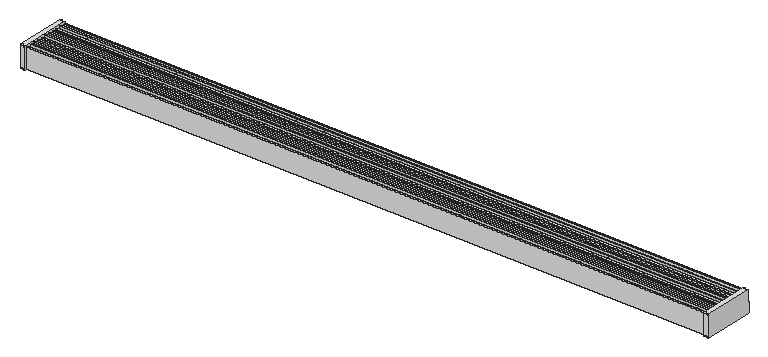
Revit family "Shower-Drain_Cover-KOHLER-Linear-K-80653_1", category Specialty Equipment, host Face, Revit 2017 (continued)
Definition of nested family "K-80653"
  Lines and regions (in)
    symbolic lines, detail levels medium+fine
      curve 1024: line (-0.8369, -1.05088, 0) -> (-0.8369, -1.01, 0)
      curve 1025: arc (-0.8369, -1.05088, 0) -> (-0.86593, -1.12097, 0) -> (-0.93602, -1.15, 0) r 0.09912
      curve 1026: arc (-1.28859, -1.15, 0) -> (-1.36001, -1.12003, 0) -> (-1.38866, -1.04807, 0) r 0.10009
      curve 1027: line (-0.8369, -0.91, 0) -> (-1.45725, -0.91, 0)
      curve 1028: line (-2.27588, -0.05, 0) -> (-2.27588, -0.19, 0)
      curve 1029: line (-2.27588, -1.01, 0) -> (-1.71906, -1.01, 0)
      curve 1030: line (-1.39234, -1.01, 0) -> (-0.8369, -1.01, 0)
      curve 1031: line (-1.64305, -1.01, 0) -> (-1.46834, -1.01, 0)
      curve 1032: line (-2.27588, -1.01, 0) -> (-2.27588, -1.05088, 0)
      curve 1033: line (-0.8369, -0.91, 0) -> (-0.8369, -0.77, 0)
      curve 1034: line (-2.27588, -0.77, 0) -> (-1.6117, -0.77, 0)
      curve 1035: line (-1.65415, -0.91, 0) -> (-2.27588, -0.91, 0)
      curve 1036: line (-0.8369, -0.67, 0) -> (-0.8369, -0.53, 0)
      curve 1037: line (-1.4997, -0.77, 0) -> (-0.8369, -0.77, 0)
      curve 1038: line (-1.6117, -0.77, 0) -> (-1.6117, -0.83109, 0)
      curve 1039: line (-1.4997, -0.77, 0) -> (-1.4997, -0.83109, 0)
      curve 1040: line (-2.27588, -0.77, 0) -> (-2.27588, -0.91, 0)
      curve 1041: line (-2.27588, -0.67, 0) -> (-1.6117, -0.67, 0)
      curve 1042: line (-2.27588, -0.53, 0) -> (-1.6117, -0.53, 0)
      curve 1043: line (-1.4997, -0.67, 0) -> (-0.8369, -0.67, 0)
      curve 1044: line (-1.4997, -0.53, 0) -> (-0.8369, -0.53, 0)
      curve 1045: line (-2.27588, -0.53, 0) -> (-2.27588, -0.67, 0)
      curve 1046: line (-0.8369, -0.43, 0) -> (-0.8369, -0.29, 0)
      curve 1047: line (-1.4997, -0.53, 0) -> (-1.4997, -0.67, 0)
      curve 1048: line (-1.6117, -0.53, 0) -> (-1.6117, -0.67, 0)
      curve 1049: line (-2.27588, -0.43, 0) -> (-1.6117, -0.43, 0)
      curve 1050: line (-2.27588, -0.29, 0) -> (-1.6117, -0.29, 0)
      curve 1051: line (-2.27588, -0.29, 0) -> (-2.27588, -0.43, 0)
      curve 1052: line (-1.6117, -0.29, 0) -> (-1.6117, -0.43, 0)
      curve 1053: line (-1.4997, -0.29, 0) -> (-1.4997, -0.43, 0)
      curve 1054: line (-0.8369, -0.19, 0) -> (-0.8369, -0.05, 0)
      curve 1055: line (-1.4997, -0.29, 0) -> (-0.8369, -0.29, 0)
      curve 1056: line (-1.4997, -0.43, 0) -> (-0.8369, -0.43, 0)
      curve 1057: line (-2.27588, -0.19, 0) -> (-1.6117, -0.19, 0)
      curve 1058: line (-2.27588, -0.05, 0) -> (-1.6117, -0.05, 0)
      curve 1059: line (-1.4997, -0.19, 0) -> (-0.8369, -0.19, 0)
      curve 1060: line (-1.4997, -0.05, 0) -> (-0.8369, -0.05, 0)
      curve 1061: line (-0.05995, 0.05, 0) -> (-0.05995, 0.19, 0)
      curve 1062: line (-0.62363, 1.15, 0) -> (-0.15957, 1.15, 0)
      curve 1063: arc (-0.72275, 1.05088, 0) -> (-0.69372, 1.12097, 0) -> (-0.62363, 1.15, 0) r 0.09912
      curve 1064: line (-0.72413, 0.05, 0) -> (-0.72413, 0.19, 0)
      curve 1065: line (-0.72413, 1.01, 0) -> (-0.05995, 1.01, 0)
      curve 1066: line (-0.72413, 1.01, 0) -> (-0.72413, 1.05088, 0)
      curve 1067: line (-0.72413, 0.77, 0) -> (-0.05995, 0.77, 0)
      curve 1068: line (-0.05995, 0.91, 0) -> (-0.72413, 0.91, 0)
      curve 1069: line (-0.05995, 0.77, 0) -> (-0.05995, 0.91, 0)
      curve 1070: line (-0.72413, 0.77, 0) -> (-0.72413, 0.91, 0)
      curve 1071: line (-0.72413, 0.67, 0) -> (-0.05995, 0.67, 0)
      curve 1072: line (-0.72413, 0.53, 0) -> (-0.05995, 0.53, 0)
      curve 1073: line (-0.72413, 0.53, 0) -> (-0.72413, 0.67, 0)
      curve 1074: line (-0.05995, 0.53, 0) -> (-0.05995, 0.67, 0)
      curve 1075: line (-0.72413, 0.43, 0) -> (-0.05995, 0.43, 0)
      curve 1076: line (-0.72413, 0.29, 0) -> (-0.05995, 0.29, 0)
      curve 1077: line (-0.72413, 0.29, 0) -> (-0.72413, 0.43, 0)
      curve 1078: line (-0.05995, 0.29, 0) -> (-0.05995, 0.43, 0)
      curve 1079: line (-0.72413, 0.19, 0) -> (-0.05995, 0.19, 0)
      curve 1080: line (-0.72413, 0.05, 0) -> (-0.05995, 0.05, 0)
      curve 1081: line (-0.05995, -0.05, 0) -> (-0.05995, -0.19, 0)
      curve 1082: line (-0.62363, -1.15, 0) -> (-0.16531, -1.15, 0)
      curve 1083: arc (-0.72275, -1.05088, 0) -> (-0.69372, -1.12097, 0) -> (-0.62363, -1.15, 0) r 0.09912
      curve 1084: line (-0.72413, -0.05, 0) -> (-0.72413, -0.19, 0)
      curve 1085: line (-0.72413, -1.01, 0) -> (-0.05995, -1.01, 0)
      curve 1086: line (-0.72413, -1.01, 0) -> (-0.72413, -1.05088, 0)
      curve 1087: line (-0.72413, -0.77, 0) -> (-0.05995, -0.77, 0)
      curve 1088: line (-0.05995, -0.91, 0) -> (-0.72413, -0.91, 0)
      curve 1089: line (-0.05995, -0.77, 0) -> (-0.05995, -0.91, 0)
      curve 1090: line (-0.72413, -0.77, 0) -> (-0.72413, -0.91, 0)
      curve 1091: line (-0.72413, -0.67, 0) -> (-0.05995, -0.67, 0)
      curve 1092: line (-0.72413, -0.53, 0) -> (-0.05995, -0.53, 0)
      curve 1093: line (-0.72413, -0.53, 0) -> (-0.72413, -0.67, 0)
      curve 1094: line (-0.05995, -0.53, 0) -> (-0.05995, -0.67, 0)
      curve 1095: line (-0.72413, -0.43, 0) -> (-0.05995, -0.43, 0)
      curve 1096: line (-0.72413, -0.29, 0) -> (-0.05995, -0.29, 0)
      curve 1097: line (-0.72413, -0.29, 0) -> (-0.72413, -0.43, 0)
      curve 1098: line (-0.05995, -0.29, 0) -> (-0.05995, -0.43, 0)
      curve 1099: line (-0.72413, -0.19, 0) -> (-0.05995, -0.19, 0)
      curve 1100: line (-0.72413, -0.05, 0) -> (-0.05995, -0.05, 0)
      curve 1101: arc (-0.05995, -1.04464, 0) -> (-0.09081, -1.11914, 0) -> (-0.16531, -1.15, 0) r 0.10536
      curve 1102: line (-0.05995, -1.01, 0) -> (-0.05995, -1.04464, 0)
      curve 1103: arc (-0.05995, 1.05037, 0) -> (-0.08913, 1.12082, 0) -> (-0.15957, 1.15, 0) r 0.09963
      curve 1104: line (-0.05995, 1.01, 0) -> (-0.05995, 1.05037, 0)
      curve 1105: line (17.1222, 0.05, 0) -> (17.1222, 0.19, 0)
      curve 1106: arc (17.1222, 0.83109, 0) -> (17.13394, 0.87565, 0) -> (17.16465, 0.91, 0) r 0.09854
      curve 1107: arc (17.22956, 1.01, 0) -> (17.23249, 1.02893, 0) -> (17.23324, 1.04807, 0) r 0.16707
      curve 1108: line (17.68588, 1.15, 0) -> (17.33331, 1.15, 0)
      curve 1109: arc (17.75, 1.12647, 0) -> (17.72003, 1.14393, 0) -> (17.68588, 1.15, 0) r 0.09912
      curve 1110: arc (17.33331, 1.15, 0) -> (17.26189, 1.12003, 0) -> (17.23324, 1.04807, 0) r 0.10009
      curve 1111: arc (16.97885, 1.01, 0) -> (17.0662, 1.13911, 0) -> (17.15355, 1.01, 0) r 0.09411
      curve 1112: line (17.0102, 0.05, 0) -> (17.0102, 0.19, 0)
      curve 1113: arc (17.0102, 0.83109, 0) -> (16.99846, 0.87565, 0) -> (16.96775, 0.91, 0) r 0.09854
      curve 1114: arc (16.90284, 1.01, 0) -> (16.89991, 1.02893, 0) -> (16.89916, 1.04807, 0) r 0.16707
      curve 1115: line (16.44652, 1.15, 0) -> (16.79909, 1.15, 0)
      curve 1116: line (16.3474, 1.05088, 0) -> (16.3474, 1.01, 0)
      curve 1117: arc (16.3474, 1.05088, 0) -> (16.37643, 1.12097, 0) -> (16.44652, 1.15, 0) r 0.09912
      curve 1118: arc (16.79909, 1.15, 0) -> (16.87051, 1.12003, 0) -> (16.89916, 1.04807, 0) r 0.10009
      curve 1119: line (16.3474, 0.91, 0) -> (16.96775, 0.91, 0)
      curve 1120: line (17.75, 0.05, 0) -> (17.75, 0.19, 0)
      curve 1121: line (17.75, 1.01, 0) -> (17.22956, 1.01, 0)
      curve 1122: line (16.90284, 1.01, 0) -> (16.3474, 1.01, 0)
      curve 1123: line (17.15355, 1.01, 0) -> (16.97885, 1.01, 0)
      curve 1124: line (17.75, 1.01, 0) -> (17.75, 1.12647, 0)
      curve 1125: line (16.3474, 0.91, 0) -> (16.3474, 0.77, 0)
      curve 1126: line (17.75, 0.77, 0) -> (17.1222, 0.77, 0)
      curve 1127: line (17.16465, 0.91, 0) -> (17.75, 0.91, 0)
      curve 1128: line (16.3474, 0.67, 0) -> (16.3474, 0.53, 0)
      curve 1129: line (17.0102, 0.77, 0) -> (16.3474, 0.77, 0)
      curve 1130: line (17.1222, 0.77, 0) -> (17.1222, 0.83109, 0)
      curve 1131: line (17.0102, 0.77, 0) -> (17.0102, 0.83109, 0)
      curve 1132: line (17.75, 0.77, 0) -> (17.75, 0.91, 0)
      curve 1133: line (17.75, 0.67, 0) -> (17.1222, 0.67, 0)
      curve 1134: line (17.75, 0.53, 0) -> (17.1222, 0.53, 0)
      curve 1135: line (17.0102, 0.67, 0) -> (16.3474, 0.67, 0)
      curve 1136: line (17.0102, 0.53, 0) -> (16.3474, 0.53, 0)
      curve 1137: line (17.75, 0.53, 0) -> (17.75, 0.67, 0)
      curve 1138: line (16.3474, 0.43, 0) -> (16.3474, 0.29, 0)
      curve 1139: line (17.0102, 0.53, 0) -> (17.0102, 0.67, 0)
      curve 1140: line (17.1222, 0.53, 0) -> (17.1222, 0.67, 0)
      curve 1141: line (17.75, 0.43, 0) -> (17.1222, 0.43, 0)
      curve 1142: line (17.75, 0.29, 0) -> (17.1222, 0.29, 0)
      curve 1143: line (17.75, 0.29, 0) -> (17.75, 0.43, 0)
      curve 1144: line (17.1222, 0.29, 0) -> (17.1222, 0.43, 0)
      curve 1145: line (17.0102, 0.29, 0) -> (17.0102, 0.43, 0)
      curve 1146: line (16.3474, 0.19, 0) -> (16.3474, 0.05, 0)
      curve 1147: line (17.0102, 0.29, 0) -> (16.3474, 0.29, 0)
      curve 1148: line (17.0102, 0.43, 0) -> (16.3474, 0.43, 0)
      curve 1149: line (17.75, 0.19, 0) -> (17.1222, 0.19, 0)
      curve 1150: line (17.75, 0.05, 0) -> (17.1222, 0.05, 0)
      curve 1151: line (17.0102, 0.19, 0) -> (16.3474, 0.19, 0)
      curve 1152: line (17.0102, 0.05, 0) -> (16.3474, 0.05, 0)
      curve 1153: line (17.1222, -0.05, 0) -> (17.1222, -0.19, 0)
      curve 1154: arc (17.1222, -0.83109, 0) -> (17.13394, -0.87565, 0) -> (17.16465, -0.91, 0) r 0.09854
      curve 1155: arc (17.22956, -1.01, 0) -> (17.23249, -1.02893, 0) -> (17.23324, -1.04807, 0) r 0.16707
      curve 1156: line (17.68588, -1.15, 0) -> (17.33331, -1.15, 0)
      curve 1157: arc (17.75, -1.12647, 0) -> (17.72003, -1.14393, 0) -> (17.68588, -1.15, 0) r 0.09912
      curve 1158: arc (17.33331, -1.15, 0) -> (17.26189, -1.12003, 0) -> (17.23324, -1.04807, 0) r 0.10009
      curve 1159: arc (16.97885, -1.01, 0) -> (17.0662, -1.13911, 0) -> (17.15355, -1.01, 0) r 0.09411
      curve 1160: line (17.0102, -0.05, 0) -> (17.0102, -0.19, 0)
      curve 1161: arc (17.0102, -0.83109, 0) -> (16.99846, -0.87565, 0) -> (16.96775, -0.91, 0) r 0.09854
      curve 1162: arc (16.90284, -1.01, 0) -> (16.89991, -1.02893, 0) -> (16.89916, -1.04807, 0) r 0.16707
      curve 1163: line (16.44652, -1.15, 0) -> (16.79909, -1.15, 0)
      curve 1164: line (16.3474, -1.05088, 0) -> (16.3474, -1.01, 0)
      curve 1165: arc (16.3474, -1.05088, 0) -> (16.37643, -1.12097, 0) -> (16.44652, -1.15, 0) r 0.09912
      curve 1166: arc (16.79909, -1.15, 0) -> (16.87051, -1.12003, 0) -> (16.89916, -1.04807, 0) r 0.10009
      curve 1167: line (16.3474, -0.91, 0) -> (16.96775, -0.91, 0)
      curve 1168: line (17.75, -0.05, 0) -> (17.75, -0.19, 0)
      curve 1169: line (17.75, -1.01, 0) -> (17.22956, -1.01, 0)
      curve 1170: line (16.90284, -1.01, 0) -> (16.3474, -1.01, 0)
      curve 1171: line (17.15355, -1.01, 0) -> (16.97885, -1.01, 0)
      curve 1172: line (17.75, -1.01, 0) -> (17.75, -1.12647, 0)
      curve 1173: line (16.3474, -0.91, 0) -> (16.3474, -0.77, 0)
      curve 1174: line (17.75, -0.77, 0) -> (17.1222, -0.77, 0)
      curve 1175: line (17.16465, -0.91, 0) -> (17.75, -0.91, 0)
      curve 1176: line (16.3474, -0.67, 0) -> (16.3474, -0.53, 0)
      curve 1177: line (17.0102, -0.77, 0) -> (16.3474, -0.77, 0)
      curve 1178: line (17.1222, -0.77, 0) -> (17.1222, -0.83109, 0)
      curve 1179: line (17.0102, -0.77, 0) -> (17.0102, -0.83109, 0)
      curve 1180: line (17.75, -0.77, 0) -> (17.75, -0.91, 0)
      curve 1181: line (17.75, -0.67, 0) -> (17.1222, -0.67, 0)
      curve 1182: line (17.75, -0.53, 0) -> (17.1222, -0.53, 0)
      curve 1183: line (17.0102, -0.67, 0) -> (16.3474, -0.67, 0)
      curve 1184: line (17.0102, -0.53, 0) -> (16.3474, -0.53, 0)
      curve 1185: line (17.75, -0.53, 0) -> (17.75, -0.67, 0)
      curve 1186: line (16.3474, -0.43, 0) -> (16.3474, -0.29, 0)
      curve 1187: line (17.0102, -0.53, 0) -> (17.0102, -0.67, 0)
      curve 1188: line (17.1222, -0.53, 0) -> (17.1222, -0.67, 0)
      curve 1189: line (17.75, -0.43, 0) -> (17.1222, -0.43, 0)
      curve 1190: line (17.75, -0.29, 0) -> (17.1222, -0.29, 0)
      curve 1191: line (17.75, -0.29, 0) -> (17.75, -0.43, 0)
      curve 1192: line (17.1222, -0.29, 0) -> (17.1222, -0.43, 0)
      curve 1193: line (17.0102, -0.29, 0) -> (17.0102, -0.43, 0)
      curve 1194: line (16.3474, -0.19, 0) -> (16.3474, -0.05, 0)
      curve 1195: line (17.0102, -0.29, 0) -> (16.3474, -0.29, 0)
      curve 1196: line (17.0102, -0.43, 0) -> (16.3474, -0.43, 0)
      curve 1197: line (17.75, -0.19, 0) -> (17.1222, -0.19, 0)
      curve 1198: line (17.75, -0.05, 0) -> (17.1222, -0.05, 0)
      curve 1199: line (17.0102, -0.19, 0) -> (16.3474, -0.19, 0)
      curve 1200: line (17.0102, -0.05, 0) -> (16.3474, -0.05, 0)
      curve 1201: line (15.56941, 0.05, 0) -> (15.56941, 0.19, 0)
      curve 1202: arc (15.56941, 0.83109, 0) -> (15.58115, 0.87565, 0) -> (15.61186, 0.91, 0) r 0.09854
      curve 1203: arc (15.67677, 1.01, 0) -> (15.6797, 1.02893, 0) -> (15.68045, 1.04807, 0) r 0.16707
      curve 1204: line (16.13309, 1.15, 0) -> (15.78052, 1.15, 0)
      curve 1205: arc (16.23221, 1.05088, 0) -> (16.20318, 1.12097, 0) -> (16.13309, 1.15, 0) r 0.09912
      curve 1206: arc (15.78052, 1.15, 0) -> (15.7091, 1.12003, 0) -> (15.68045, 1.04807, 0) r 0.10009
      curve 1207: line (16.2336, 0.05, 0) -> (16.2336, 0.19, 0)
      curve 1208: line (16.2336, 1.01, 0) -> (15.67677, 1.01, 0)
      curve 1209: line (16.2336, 1.01, 0) -> (16.2336, 1.05088, 0)
      curve 1210: line (16.2336, 0.77, 0) -> (15.56941, 0.77, 0)
      curve 1211: line (15.61186, 0.91, 0) -> (16.2336, 0.91, 0)
      curve 1212: line (15.56941, 0.77, 0) -> (15.56941, 0.83109, 0)
      curve 1213: line (16.2336, 0.77, 0) -> (16.2336, 0.91, 0)
      curve 1214: line (16.2336, 0.67, 0) -> (15.56941, 0.67, 0)
      curve 1215: line (16.2336, 0.53, 0) -> (15.56941, 0.53, 0)
      curve 1216: line (16.2336, 0.53, 0) -> (16.2336, 0.67, 0)
      curve 1217: line (15.56941, 0.53, 0) -> (15.56941, 0.67, 0)
      curve 1218: line (16.2336, 0.43, 0) -> (15.56941, 0.43, 0)
      curve 1219: line (16.2336, 0.29, 0) -> (15.56941, 0.29, 0)
      curve 1220: line (16.2336, 0.29, 0) -> (16.2336, 0.43, 0)
      curve 1221: line (15.56941, 0.29, 0) -> (15.56941, 0.43, 0)
      curve 1222: line (16.2336, 0.19, 0) -> (15.56941, 0.19, 0)
      curve 1223: line (16.2336, 0.05, 0) -> (15.56941, 0.05, 0)
      curve 1224: line (15.56941, -0.05, 0) -> (15.56941, -0.19, 0)
      curve 1225: arc (15.56941, -0.83109, 0) -> (15.58115, -0.87565, 0) -> (15.61186, -0.91, 0) r 0.09854
      curve 1226: arc (15.67677, -1.01, 0) -> (15.6797, -1.02893, 0) -> (15.68045, -1.04807, 0) r 0.16707
      curve 1227: line (16.13309, -1.15, 0) -> (15.78052, -1.15, 0)
      curve 1228: arc (16.23221, -1.05088, 0) -> (16.20318, -1.12097, 0) -> (16.13309, -1.15, 0) r 0.09912
      curve 1229: arc (15.78052, -1.15, 0) -> (15.7091, -1.12003, 0) -> (15.68045, -1.04807, 0) r 0.10009
      curve 1230: line (16.2336, -0.05, 0) -> (16.2336, -0.19, 0)
      curve 1231: line (16.2336, -1.01, 0) -> (15.67677, -1.01, 0)
      curve 1232: line (16.2336, -1.01, 0) -> (16.2336, -1.05088, 0)
      curve 1233: line (16.2336, -0.77, 0) -> (15.56941, -0.77, 0)
      curve 1234: line (15.61186, -0.91, 0) -> (16.2336, -0.91, 0)
      curve 1235: line (15.56941, -0.77, 0) -> (15.56941, -0.83109, 0)
      curve 1236: line (16.2336, -0.77, 0) -> (16.2336, -0.91, 0)
      curve 1237: line (16.2336, -0.67, 0) -> (15.56941, -0.67, 0)
      curve 1238: line (16.2336, -0.53, 0) -> (15.56941, -0.53, 0)
      curve 1239: line (16.2336, -0.53, 0) -> (16.2336, -0.67, 0)
      curve 1240: line (15.56941, -0.53, 0) -> (15.56941, -0.67, 0)
      curve 1241: line (16.2336, -0.43, 0) -> (15.56941, -0.43, 0)
      curve 1242: line (16.2336, -0.29, 0) -> (15.56941, -0.29, 0)
      curve 1243: line (16.2336, -0.29, 0) -> (16.2336, -0.43, 0)
      curve 1244: line (15.56941, -0.29, 0) -> (15.56941, -0.43, 0)
      curve 1245: line (16.2336, -0.19, 0) -> (15.56941, -0.19, 0)
      curve 1246: line (16.2336, -0.05, 0) -> (15.56941, -0.05, 0)
      curve 1247: arc (15.42606, 1.01, 0) -> (15.51341, 1.13911, 0) -> (15.60077, 1.01, 0) r 0.09411
      curve 1248: line (15.60077, 1.01, 0) -> (15.42606, 1.01, 0)
      curve 1249: arc (15.42606, -1.01, 0) -> (15.51341, -1.13911, 0) -> (15.60077, -1.01, 0) r 0.09411
      curve 1250: line (15.60077, -1.01, 0) -> (15.42606, -1.01, 0)
      curve 1251: line (15.45741, 0.05, 0) -> (15.45741, 0.19, 0)
      curve 1252: arc (15.45741, 0.83109, 0) -> (15.44568, 0.87565, 0) -> (15.41496, 0.91, 0) r 0.09854
      curve 1253: arc (15.35006, 1.01, 0) -> (15.34712, 1.02893, 0) -> (15.34638, 1.04807, 0) r 0.16707
      curve 1254: line (14.89373, 1.15, 0) -> (15.2463, 1.15, 0)
      curve 1255: line (14.79461, 1.05088, 0) -> (14.79461, 1.01, 0)
      curve 1256: arc (14.79461, 1.05088, 0) -> (14.82364, 1.12097, 0) -> (14.89373, 1.15, 0) r 0.09912
      curve 1257: arc (15.2463, 1.15, 0) -> (15.31773, 1.12003, 0) -> (15.34638, 1.04807, 0) r 0.10009
      curve 1258: line (14.79461, 0.91, 0) -> (15.41496, 0.91, 0)
      curve 1259: line (15.35006, 1.01, 0) -> (14.79461, 1.01, 0)
      curve 1260: line (14.79461, 0.91, 0) -> (14.79461, 0.77, 0)
      curve 1261: line (14.79461, 0.67, 0) -> (14.79461, 0.53, 0)
      curve 1262: line (15.45741, 0.77, 0) -> (14.79461, 0.77, 0)
      curve 1263: line (15.45741, 0.77, 0) -> (15.45741, 0.83109, 0)
      curve 1264: line (15.45741, 0.67, 0) -> (14.79461, 0.67, 0)
      curve 1265: line (15.45741, 0.53, 0) -> (14.79461, 0.53, 0)
      curve 1266: line (14.79461, 0.43, 0) -> (14.79461, 0.29, 0)
      curve 1267: line (15.45741, 0.53, 0) -> (15.45741, 0.67, 0)
      curve 1268: line (15.45741, 0.29, 0) -> (15.45741, 0.43, 0)
      curve 1269: line (14.79461, 0.19, 0) -> (14.79461, 0.05, 0)
      curve 1270: line (15.45741, 0.29, 0) -> (14.79461, 0.29, 0)
      curve 1271: line (15.45741, 0.43, 0) -> (14.79461, 0.43, 0)
      curve 1272: line (15.45741, 0.19, 0) -> (14.79461, 0.19, 0)
      curve 1273: line (15.45741, 0.05, 0) -> (14.79461, 0.05, 0)
      curve 1274: line (15.45741, -0.05, 0) -> (15.45741, -0.19, 0)
      curve 1275: arc (15.45741, -0.83109, 0) -> (15.44568, -0.87565, 0) -> (15.41496, -0.91, 0) r 0.09854
      curve 1276: arc (15.35006, -1.01, 0) -> (15.34712, -1.02893, 0) -> (15.34638, -1.04807, 0) r 0.16707
      curve 1277: line (14.89373, -1.15, 0) -> (15.2463, -1.15, 0)
      curve 1278: line (14.79461, -1.05088, 0) -> (14.79461, -1.01, 0)
      curve 1279: arc (14.79461, -1.05088, 0) -> (14.82364, -1.12097, 0) -> (14.89373, -1.15, 0) r 0.09912
      curve 1280: arc (15.2463, -1.15, 0) -> (15.31773, -1.12003, 0) -> (15.34638, -1.04807, 0) r 0.10009
      curve 1281: line (14.79461, -0.91, 0) -> (15.41496, -0.91, 0)
      curve 1282: line (15.35006, -1.01, 0) -> (14.79461, -1.01, 0)
      curve 1283: line (14.79461, -0.91, 0) -> (14.79461, -0.77, 0)
      curve 1284: line (14.79461, -0.67, 0) -> (14.79461, -0.53, 0)
      curve 1285: line (15.45741, -0.77, 0) -> (14.79461, -0.77, 0)
      curve 1286: line (15.45741, -0.77, 0) -> (15.45741, -0.83109, 0)
      curve 1287: line (15.45741, -0.67, 0) -> (14.79461, -0.67, 0)
      curve 1288: line (15.45741, -0.53, 0) -> (14.79461, -0.53, 0)
      curve 1289: line (14.79461, -0.43, 0) -> (14.79461, -0.29, 0)
      curve 1290: line (15.45741, -0.53, 0) -> (15.45741, -0.67, 0)
      curve 1291: line (15.45741, -0.29, 0) -> (15.45741, -0.43, 0)
      curve 1292: line (14.79461, -0.19, 0) -> (14.79461, -0.05, 0)
      curve 1293: line (15.45741, -0.29, 0) -> (14.79461, -0.29, 0)
      curve 1294: line (15.45741, -0.43, 0) -> (14.79461, -0.43, 0)
      curve 1295: line (15.45741, -0.19, 0) -> (14.79461, -0.19, 0)
      curve 1296: line (15.45741, -0.05, 0) -> (14.79461, -0.05, 0)
      curve 1297: line (14.01962, 0.05, 0) -> (14.01962, 0.19, 0)
      curve 1298: arc (14.01962, 0.83109, 0) -> (14.03136, 0.87565, 0) -> (14.06207, 0.91, 0) r 0.09854
      curve 1299: arc (14.12698, 1.01, 0) -> (14.12991, 1.02893, 0) -> (14.13066, 1.04807, 0) r 0.16707
      curve 1300: line (14.5833, 1.15, 0) -> (14.23073, 1.15, 0)
      curve 1301: arc (14.68242, 1.05088, 0) -> (14.65339, 1.12097, 0) -> (14.5833, 1.15, 0) r 0.09912
      curve 1302: arc (14.23073, 1.15, 0) -> (14.15931, 1.12003, 0) -> (14.13066, 1.04807, 0) r 0.10009
      curve 1303: arc (13.87627, 1.01, 0) -> (13.96362, 1.13911, 0) -> (14.05098, 1.01, 0) r 0.09411
      curve 1304: line (13.90762, 0.05, 0) -> (13.90762, 0.19, 0)
      curve 1305: arc (13.90762, 0.83109, 0) -> (13.89589, 0.87565, 0) -> (13.86517, 0.91, 0) r 0.09854
      curve 1306: arc (13.80027, 1.01, 0) -> (13.79733, 1.02893, 0) -> (13.79659, 1.04807, 0) r 0.16707
      curve 1307: line (13.34394, 1.15, 0) -> (13.69651, 1.15, 0)
      curve 1308: line (13.24482, 1.05088, 0) -> (13.24482, 1.01, 0)
      curve 1309: arc (13.24482, 1.05088, 0) -> (13.27385, 1.12097, 0) -> (13.34394, 1.15, 0) r 0.09912
      curve 1310: arc (13.69651, 1.15, 0) -> (13.76794, 1.12003, 0) -> (13.79659, 1.04807, 0) r 0.10009
      curve 1311: line (13.24482, 0.91, 0) -> (13.86517, 0.91, 0)
      curve 1312: line (14.68381, 0.05, 0) -> (14.68381, 0.19, 0)
      curve 1313: line (14.68381, 1.01, 0) -> (14.12698, 1.01, 0)
      curve 1314: line (13.80027, 1.01, 0) -> (13.24482, 1.01, 0)
      curve 1315: line (14.05098, 1.01, 0) -> (13.87627, 1.01, 0)
      curve 1316: line (14.68381, 1.01, 0) -> (14.68381, 1.05088, 0)
      curve 1317: line (13.24482, 0.91, 0) -> (13.24482, 0.77, 0)
      curve 1318: line (14.68381, 0.77, 0) -> (14.01962, 0.77, 0)
      curve 1319: line (14.06207, 0.91, 0) -> (14.68381, 0.91, 0)
      curve 1320: line (13.24482, 0.67, 0) -> (13.24482, 0.53, 0)
      curve 1321: line (13.90762, 0.77, 0) -> (13.24482, 0.77, 0)
      curve 1322: line (14.01962, 0.77, 0) -> (14.01962, 0.83109, 0)
      curve 1323: line (13.90762, 0.77, 0) -> (13.90762, 0.83109, 0)
      curve 1324: line (14.68381, 0.77, 0) -> (14.68381, 0.91, 0)
      curve 1325: line (14.68381, 0.67, 0) -> (14.01962, 0.67, 0)
      curve 1326: line (14.68381, 0.53, 0) -> (14.01962, 0.53, 0)
      curve 1327: line (13.90762, 0.67, 0) -> (13.24482, 0.67, 0)
      curve 1328: line (13.90762, 0.53, 0) -> (13.24482, 0.53, 0)
      curve 1329: line (14.68381, 0.53, 0) -> (14.68381, 0.67, 0)
      curve 1330: line (13.24482, 0.43, 0) -> (13.24482, 0.29, 0)
      curve 1331: line (13.90762, 0.53, 0) -> (13.90762, 0.67, 0)
      curve 1332: line (14.01962, 0.53, 0) -> (14.01962, 0.67, 0)
      curve 1333: line (14.68381, 0.43, 0) -> (14.01962, 0.43, 0)
      curve 1334: line (14.68381, 0.29, 0) -> (14.01962, 0.29, 0)
      curve 1335: line (14.68381, 0.29, 0) -> (14.68381, 0.43, 0)
      curve 1336: line (14.01962, 0.29, 0) -> (14.01962, 0.43, 0)
      curve 1337: line (13.90762, 0.29, 0) -> (13.90762, 0.43, 0)
      curve 1338: line (13.24482, 0.19, 0) -> (13.24482, 0.05, 0)
      curve 1339: line (13.90762, 0.29, 0) -> (13.24482, 0.29, 0)
      curve 1340: line (13.90762, 0.43, 0) -> (13.24482, 0.43, 0)
      curve 1341: line (14.68381, 0.19, 0) -> (14.01962, 0.19, 0)
      curve 1342: line (14.68381, 0.05, 0) -> (14.01962, 0.05, 0)
      curve 1343: line (13.90762, 0.19, 0) -> (13.24482, 0.19, 0)
      curve 1344: line (13.90762, 0.05, 0) -> (13.24482, 0.05, 0)
      curve 1345: line (14.01962, -0.05, 0) -> (14.01962, -0.19, 0)
      curve 1346: arc (14.01962, -0.83109, 0) -> (14.03136, -0.87565, 0) -> (14.06207, -0.91, 0) r 0.09854
      curve 1347: arc (14.12698, -1.01, 0) -> (14.12991, -1.02893, 0) -> (14.13066, -1.04807, 0) r 0.16707
      curve 1348: line (14.5833, -1.15, 0) -> (14.23073, -1.15, 0)
      curve 1349: arc (14.68242, -1.05088, 0) -> (14.65339, -1.12097, 0) -> (14.5833, -1.15, 0) r 0.09912
      curve 1350: arc (14.23073, -1.15, 0) -> (14.15931, -1.12003, 0) -> (14.13066, -1.04807, 0) r 0.10009
      curve 1351: arc (13.87627, -1.01, 0) -> (13.96362, -1.13911, 0) -> (14.05098, -1.01, 0) r 0.09411
      curve 1352: line (13.90762, -0.05, 0) -> (13.90762, -0.19, 0)
      curve 1353: arc (13.90762, -0.83109, 0) -> (13.89589, -0.87565, 0) -> (13.86517, -0.91, 0) r 0.09854
      curve 1354: arc (13.80027, -1.01, 0) -> (13.79733, -1.02893, 0) -> (13.79659, -1.04807, 0) r 0.16707
      curve 1355: line (13.34394, -1.15, 0) -> (13.69651, -1.15, 0)
      curve 1356: line (13.24482, -1.05088, 0) -> (13.24482, -1.01, 0)
      curve 1357: arc (13.24482, -1.05088, 0) -> (13.27385, -1.12097, 0) -> (13.34394, -1.15, 0) r 0.09912
      curve 1358: arc (13.69651, -1.15, 0) -> (13.76794, -1.12003, 0) -> (13.79659, -1.04807, 0) r 0.10009
      curve 1359: line (13.24482, -0.91, 0) -> (13.86517, -0.91, 0)
      curve 1360: line (14.68381, -0.05, 0) -> (14.68381, -0.19, 0)
      curve 1361: line (14.68381, -1.01, 0) -> (14.12698, -1.01, 0)
      curve 1362: line (13.80027, -1.01, 0) -> (13.24482, -1.01, 0)
      curve 1363: line (14.05098, -1.01, 0) -> (13.87627, -1.01, 0)
      curve 1364: line (14.68381, -1.01, 0) -> (14.68381, -1.05088, 0)
      curve 1365: line (13.24482, -0.91, 0) -> (13.24482, -0.77, 0)
      curve 1366: line (14.68381, -0.77, 0) -> (14.01962, -0.77, 0)
      curve 1367: line (14.06207, -0.91, 0) -> (14.68381, -0.91, 0)
      curve 1368: line (13.24482, -0.67, 0) -> (13.24482, -0.53, 0)
      curve 1369: line (13.90762, -0.77, 0) -> (13.24482, -0.77, 0)
      curve 1370: line (14.01962, -0.77, 0) -> (14.01962, -0.83109, 0)
      curve 1371: line (13.90762, -0.77, 0) -> (13.90762, -0.83109, 0)
      curve 1372: line (14.68381, -0.77, 0) -> (14.68381, -0.91, 0)
      curve 1373: line (14.68381, -0.67, 0) -> (14.01962, -0.67, 0)
      curve 1374: line (14.68381, -0.53, 0) -> (14.01962, -0.53, 0)
      curve 1375: line (13.90762, -0.67, 0) -> (13.24482, -0.67, 0)
      curve 1376: line (13.90762, -0.53, 0) -> (13.24482, -0.53, 0)
      curve 1377: line (14.68381, -0.53, 0) -> (14.68381, -0.67, 0)
      curve 1378: line (13.24482, -0.43, 0) -> (13.24482, -0.29, 0)
      curve 1379: line (13.90762, -0.53, 0) -> (13.90762, -0.67, 0)
      curve 1380: line (14.01962, -0.53, 0) -> (14.01962, -0.67, 0)
      curve 1381: line (14.68381, -0.43, 0) -> (14.01962, -0.43, 0)
      curve 1382: line (14.68381, -0.29, 0) -> (14.01962, -0.29, 0)
      curve 1383: line (14.68381, -0.29, 0) -> (14.68381, -0.43, 0)
      curve 1384: line (14.01962, -0.29, 0) -> (14.01962, -0.43, 0)
      curve 1385: line (13.90762, -0.29, 0) -> (13.90762, -0.43, 0)
      curve 1386: line (13.24482, -0.19, 0) -> (13.24482, -0.05, 0)
      curve 1387: line (13.90762, -0.29, 0) -> (13.24482, -0.29, 0)
      curve 1388: line (13.90762, -0.43, 0) -> (13.24482, -0.43, 0)
      curve 1389: line (14.68381, -0.19, 0) -> (14.01962, -0.19, 0)
      curve 1390: line (14.68381, -0.05, 0) -> (14.01962, -0.05, 0)
      curve 1391: line (13.90762, -0.19, 0) -> (13.24482, -0.19, 0)
      curve 1392: line (13.90762, -0.05, 0) -> (13.24482, -0.05, 0)
      curve 1393: line (12.46787, 0.05, 0) -> (12.46787, 0.19, 0)
      curve 1394: line (13.03155, 1.15, 0) -> (12.5675, 1.15, 0)
      curve 1395: arc (13.13067, 1.05088, 0) -> (13.10164, 1.12097, 0) -> (13.03155, 1.15, 0) r 0.09912
      curve 1396: line (12.35587, 0.05, 0) -> (12.35587, 0.19, 0)
      curve 1397: line (11.79219, 1.15, 0) -> (12.26182, 1.15, 0)
      curve 1398: line (11.69307, 1.05088, 0) -> (11.69307, 1.01, 0)
      curve 1399: arc (11.69307, 1.05088, 0) -> (11.7221, 1.12097, 0) -> (11.79219, 1.15, 0) r 0.09912
      curve 1400: line (11.69307, 0.91, 0) -> (12.35587, 0.91, 0)
      curve 1401: line (13.13206, 0.05, 0) -> (13.13206, 0.19, 0)
      curve 1402: line (13.13206, 1.01, 0) -> (12.46787, 1.01, 0)
      curve 1403: line (12.35587, 1.01, 0) -> (11.69307, 1.01, 0)
      curve 1404: line (13.13206, 1.01, 0) -> (13.13206, 1.05088, 0)
      curve 1405: line (11.69307, 0.91, 0) -> (11.69307, 0.77, 0)
      curve 1406: line (13.13206, 0.77, 0) -> (12.46787, 0.77, 0)
      curve 1407: line (12.46787, 0.91, 0) -> (13.13206, 0.91, 0)
      curve 1408: line (11.69307, 0.67, 0) -> (11.69307, 0.53, 0)
      curve 1409: line (12.35587, 0.77, 0) -> (11.69307, 0.77, 0)
      curve 1410: line (12.46787, 0.77, 0) -> (12.46787, 0.91, 0)
      curve 1411: line (12.35587, 0.77, 0) -> (12.35587, 0.91, 0)
      curve 1412: line (13.13206, 0.77, 0) -> (13.13206, 0.91, 0)
      curve 1413: line (13.13206, 0.67, 0) -> (12.46787, 0.67, 0)
      curve 1414: line (13.13206, 0.53, 0) -> (12.46787, 0.53, 0)
      curve 1415: line (12.35587, 0.67, 0) -> (11.69307, 0.67, 0)
      curve 1416: line (12.35587, 0.53, 0) -> (11.69307, 0.53, 0)
      curve 1417: line (13.13206, 0.53, 0) -> (13.13206, 0.67, 0)
      curve 1418: line (11.69307, 0.43, 0) -> (11.69307, 0.29, 0)
      curve 1419: line (12.35587, 0.53, 0) -> (12.35587, 0.67, 0)
      curve 1420: line (12.46787, 0.53, 0) -> (12.46787, 0.67, 0)
      curve 1421: line (13.13206, 0.43, 0) -> (12.46787, 0.43, 0)
      curve 1422: line (13.13206, 0.29, 0) -> (12.46787, 0.29, 0)
      curve 1423: line (13.13206, 0.29, 0) -> (13.13206, 0.43, 0)
      curve 1424: line (12.46787, 0.29, 0) -> (12.46787, 0.43, 0)
      curve 1425: line (12.35587, 0.29, 0) -> (12.35587, 0.43, 0)
      curve 1426: line (11.69307, 0.19, 0) -> (11.69307, 0.05, 0)
      curve 1427: line (12.35587, 0.29, 0) -> (11.69307, 0.29, 0)
      curve 1428: line (12.35587, 0.43, 0) -> (11.69307, 0.43, 0)
      curve 1429: line (13.13206, 0.19, 0) -> (12.46787, 0.19, 0)
      curve 1430: line (13.13206, 0.05, 0) -> (12.46787, 0.05, 0)
      curve 1431: line (12.35587, 0.19, 0) -> (11.69307, 0.19, 0)
      curve 1432: line (12.35587, 0.05, 0) -> (11.69307, 0.05, 0)
      curve 1433: line (12.46787, -0.05, 0) -> (12.46787, -0.19, 0)
      curve 1434: line (13.03155, -1.15, 0) -> (12.57323, -1.15, 0)
      curve 1435: arc (13.13067, -1.05088, 0) -> (13.10164, -1.12097, 0) -> (13.03155, -1.15, 0) r 0.09912
      curve 1436: line (12.35587, -0.05, 0) -> (12.35587, -0.19, 0)
      curve 1437: line (11.79219, -1.15, 0) -> (12.25558, -1.15, 0)
      curve 1438: line (11.69307, -1.05088, 0) -> (11.69307, -1.01, 0)
      curve 1439: arc (11.69307, -1.05088, 0) -> (11.7221, -1.12097, 0) -> (11.79219, -1.15, 0) r 0.09912
      curve 1440: line (11.69307, -0.91, 0) -> (12.35587, -0.91, 0)
      curve 1441: line (13.13206, -0.05, 0) -> (13.13206, -0.19, 0)
      curve 1442: line (13.13206, -1.01, 0) -> (12.46787, -1.01, 0)
      curve 1443: line (12.35587, -1.01, 0) -> (11.69307, -1.01, 0)
      curve 1444: line (13.13206, -1.01, 0) -> (13.13206, -1.05088, 0)
      curve 1445: line (11.69307, -0.91, 0) -> (11.69307, -0.77, 0)
      curve 1446: line (13.13206, -0.77, 0) -> (12.46787, -0.77, 0)
      curve 1447: line (12.46787, -0.91, 0) -> (13.13206, -0.91, 0)
      curve 1448: line (11.69307, -0.67, 0) -> (11.69307, -0.53, 0)
      curve 1449: line (12.35587, -0.77, 0) -> (11.69307, -0.77, 0)
      curve 1450: line (12.46787, -0.77, 0) -> (12.46787, -0.91, 0)
      curve 1451: line (12.35587, -0.77, 0) -> (12.35587, -0.91, 0)
      curve 1452: line (13.13206, -0.77, 0) -> (13.13206, -0.91, 0)
      curve 1453: line (13.13206, -0.67, 0) -> (12.46787, -0.67, 0)
      curve 1454: line (13.13206, -0.53, 0) -> (12.46787, -0.53, 0)
      curve 1455: line (12.35587, -0.67, 0) -> (11.69307, -0.67, 0)
      curve 1456: line (12.35587, -0.53, 0) -> (11.69307, -0.53, 0)
      curve 1457: line (13.13206, -0.53, 0) -> (13.13206, -0.67, 0)
      curve 1458: line (11.69307, -0.43, 0) -> (11.69307, -0.29, 0)
      curve 1459: line (12.35587, -0.53, 0) -> (12.35587, -0.67, 0)
      curve 1460: line (12.46787, -0.53, 0) -> (12.46787, -0.67, 0)
      curve 1461: line (13.13206, -0.43, 0) -> (12.46787, -0.43, 0)
      curve 1462: line (13.13206, -0.29, 0) -> (12.46787, -0.29, 0)
      curve 1463: line (13.13206, -0.29, 0) -> (13.13206, -0.43, 0)
      curve 1464: line (12.46787, -0.29, 0) -> (12.46787, -0.43, 0)
      curve 1465: line (12.35587, -0.29, 0) -> (12.35587, -0.43, 0)
      curve 1466: line (11.69307, -0.19, 0) -> (11.69307, -0.05, 0)
      curve 1467: line (12.35587, -0.29, 0) -> (11.69307, -0.29, 0)
      curve 1468: line (12.35587, -0.43, 0) -> (11.69307, -0.43, 0)
      curve 1469: line (13.13206, -0.19, 0) -> (12.46787, -0.19, 0)
      curve 1470: line (13.13206, -0.05, 0) -> (12.46787, -0.05, 0)
      curve 1471: line (12.35587, -0.19, 0) -> (11.69307, -0.19, 0)
      curve 1472: line (12.35587, -0.05, 0) -> (11.69307, -0.05, 0)
      curve 1473: arc (12.46787, -1.04464, 0) -> (12.49873, -1.11914, 0) -> (12.57323, -1.15, 0) r 0.10536
      curve 1474: arc (12.35587, -1.0497, 0) -> (12.3265, -1.12062, 0) -> (12.25558, -1.15, 0) r 0.1003
      curve 1475: line (12.46787, -1.01, 0) -> (12.46787, -1.04464, 0)
      curve 1476: line (12.35587, -1.01, 0) -> (12.35587, -1.0497, 0)
      curve 1477: arc (12.46787, 1.05037, 0) -> (12.49705, 1.12082, 0) -> (12.5675, 1.15, 0) r 0.09963
      curve 1478: line (12.46787, 1.01, 0) -> (12.46787, 1.05037, 0)
      curve 1479: line (12.35587, 1.01, 0) -> (12.35587, 1.05595, 0)
      curve 1480: arc (12.35587, 1.05595, 0) -> (12.32833, 1.12245, 0) -> (12.26182, 1.15, 0) r 0.09405
      curve 1481: line (10.91658, 0.05, 0) -> (10.91658, 0.19, 0)
      curve 1482: arc (10.91658, 0.83109, 0) -> (10.92832, 0.87565, 0) -> (10.95903, 0.91, 0) r 0.09854
      curve 1483: arc (11.02394, 1.01, 0) -> (11.02688, 1.02893, 0) -> (11.02762, 1.04807, 0) r 0.16707
      curve 1484: line (11.48026, 1.15, 0) -> (11.12769, 1.15, 0)
      curve 1485: arc (11.57938, 1.05088, 0) -> (11.55035, 1.12097, 0) -> (11.48026, 1.15, 0) r 0.09912
      curve 1486: arc (11.12769, 1.15, 0) -> (11.05627, 1.12003, 0) -> (11.02762, 1.04807, 0) r 0.10009
      curve 1487: arc (10.77323, 1.01, 0) -> (10.86058, 1.13911, 0) -> (10.94794, 1.01, 0) r 0.09411
      curve 1488: line (10.80458, 0.05, 0) -> (10.80458, 0.19, 0)
      curve 1489: arc (10.80458, 0.83109, 0) -> (10.79285, 0.87565, 0) -> (10.76214, 0.91, 0) r 0.09854
      curve 1490: arc (10.69723, 1.01, 0) -> (10.69429, 1.02893, 0) -> (10.69355, 1.04807, 0) r 0.16707
      curve 1491: line (10.2409, 1.15, 0) -> (10.59348, 1.15, 0)
      curve 1492: line (10.14178, 1.05088, 0) -> (10.14178, 1.01, 0)
      curve 1493: arc (10.14178, 1.05088, 0) -> (10.17082, 1.12097, 0) -> (10.2409, 1.15, 0) r 0.09912
      curve 1494: arc (10.59348, 1.15, 0) -> (10.6649, 1.12003, 0) -> (10.69355, 1.04807, 0) r 0.10009
      curve 1495: line (10.14178, 0.91, 0) -> (10.76214, 0.91, 0)
      curve 1496: line (11.58077, 0.05, 0) -> (11.58077, 0.19, 0)
      curve 1497: line (11.58077, 1.01, 0) -> (11.02394, 1.01, 0)
      curve 1498: line (10.69723, 1.01, 0) -> (10.14178, 1.01, 0)
      curve 1499: line (10.94794, 1.01, 0) -> (10.77323, 1.01, 0)
      curve 1500: line (11.58077, 1.01, 0) -> (11.58077, 1.05088, 0)
      curve 1501: line (10.14178, 0.91, 0) -> (10.14178, 0.77, 0)
      curve 1502: line (11.58077, 0.77, 0) -> (10.91658, 0.77, 0)
      curve 1503: line (10.95903, 0.91, 0) -> (11.58077, 0.91, 0)
      curve 1504: line (10.14178, 0.67, 0) -> (10.14178, 0.53, 0)
      curve 1505: line (10.80458, 0.77, 0) -> (10.14178, 0.77, 0)
      curve 1506: line (10.91658, 0.77, 0) -> (10.91658, 0.83109, 0)
      curve 1507: line (10.80458, 0.77, 0) -> (10.80458, 0.83109, 0)
      curve 1508: line (11.58077, 0.77, 0) -> (11.58077, 0.91, 0)
      curve 1509: line (11.58077, 0.67, 0) -> (10.91658, 0.67, 0)
      curve 1510: line (11.58077, 0.53, 0) -> (10.91658, 0.53, 0)
      curve 1511: line (10.80458, 0.67, 0) -> (10.14178, 0.67, 0)
      curve 1512: line (10.80458, 0.53, 0) -> (10.14178, 0.53, 0)
      curve 1513: line (11.58077, 0.53, 0) -> (11.58077, 0.67, 0)
      curve 1514: line (10.14178, 0.43, 0) -> (10.14178, 0.29, 0)
      curve 1515: line (10.80458, 0.53, 0) -> (10.80458, 0.67, 0)
      curve 1516: line (10.91658, 0.53, 0) -> (10.91658, 0.67, 0)
      curve 1517: line (11.58077, 0.43, 0) -> (10.91658, 0.43, 0)
      curve 1518: line (11.58077, 0.29, 0) -> (10.91658, 0.29, 0)
      curve 1519: line (11.58077, 0.29, 0) -> (11.58077, 0.43, 0)
      curve 1520: line (10.91658, 0.29, 0) -> (10.91658, 0.43, 0)
      curve 1521: line (10.80458, 0.29, 0) -> (10.80458, 0.43, 0)
      curve 1522: line (10.14178, 0.19, 0) -> (10.14178, 0.05, 0)
      curve 1523: line (10.80458, 0.29, 0) -> (10.14178, 0.29, 0)
      curve 1524: line (10.80458, 0.43, 0) -> (10.14178, 0.43, 0)
      curve 1525: line (11.58077, 0.19, 0) -> (10.91658, 0.19, 0)
      curve 1526: line (11.58077, 0.05, 0) -> (10.91658, 0.05, 0)
      curve 1527: line (10.80458, 0.19, 0) -> (10.14178, 0.19, 0)
      curve 1528: line (10.80458, 0.05, 0) -> (10.14178, 0.05, 0)
      curve 1529: line (10.91658, -0.05, 0) -> (10.91658, -0.19, 0)
      curve 1530: arc (10.91658, -0.83109, 0) -> (10.92832, -0.87565, 0) -> (10.95903, -0.91, 0) r 0.09854
      curve 1531: arc (11.02394, -1.01, 0) -> (11.02688, -1.02893, 0) -> (11.02762, -1.04807, 0) r 0.16707
      curve 1532: line (11.48026, -1.15, 0) -> (11.12769, -1.15, 0)
      curve 1533: arc (11.57938, -1.05088, 0) -> (11.55035, -1.12097, 0) -> (11.48026, -1.15, 0) r 0.09912
      curve 1534: arc (11.12769, -1.15, 0) -> (11.05627, -1.12003, 0) -> (11.02762, -1.04807, 0) r 0.10009
      curve 1535: arc (10.77323, -1.01, 0) -> (10.86058, -1.13911, 0) -> (10.94794, -1.01, 0) r 0.09411
      curve 1536: line (10.80458, -0.05, 0) -> (10.80458, -0.19, 0)
      curve 1537: arc (10.80458, -0.83109, 0) -> (10.79285, -0.87565, 0) -> (10.76214, -0.91, 0) r 0.09854
      curve 1538: arc (10.69723, -1.01, 0) -> (10.69429, -1.02893, 0) -> (10.69355, -1.04807, 0) r 0.16707
      curve 1539: line (10.2409, -1.15, 0) -> (10.59348, -1.15, 0)
      curve 1540: line (10.14178, -1.05088, 0) -> (10.14178, -1.01, 0)
      curve 1541: arc (10.14178, -1.05088, 0) -> (10.17082, -1.12097, 0) -> (10.2409, -1.15, 0) r 0.09912
      curve 1542: arc (10.59348, -1.15, 0) -> (10.6649, -1.12003, 0) -> (10.69355, -1.04807, 0) r 0.10009
      curve 1543: line (10.14178, -0.91, 0) -> (10.76214, -0.91, 0)
      curve 1544: line (11.58077, -0.05, 0) -> (11.58077, -0.19, 0)
      curve 1545: line (11.58077, -1.01, 0) -> (11.02394, -1.01, 0)
      curve 1546: line (10.69723, -1.01, 0) -> (10.14178, -1.01, 0)
      curve 1547: line (10.94794, -1.01, 0) -> (10.77323, -1.01, 0)
      curve 1548: line (11.58077, -1.01, 0) -> (11.58077, -1.05088, 0)
      curve 1549: line (10.14178, -0.91, 0) -> (10.14178, -0.77, 0)
      curve 1550: line (11.58077, -0.77, 0) -> (10.91658, -0.77, 0)
      curve 1551: line (10.95903, -0.91, 0) -> (11.58077, -0.91, 0)
      curve 1552: line (10.14178, -0.67, 0) -> (10.14178, -0.53, 0)
      curve 1553: line (10.80458, -0.77, 0) -> (10.14178, -0.77, 0)
      curve 1554: line (10.91658, -0.77, 0) -> (10.91658, -0.83109, 0)
      curve 1555: line (10.80458, -0.77, 0) -> (10.80458, -0.83109, 0)
      curve 1556: line (11.58077, -0.77, 0) -> (11.58077, -0.91, 0)
      curve 1557: line (11.58077, -0.67, 0) -> (10.91658, -0.67, 0)
      curve 1558: line (11.58077, -0.53, 0) -> (10.91658, -0.53, 0)
      curve 1559: line (10.80458, -0.67, 0) -> (10.14178, -0.67, 0)
      curve 1560: line (10.80458, -0.53, 0) -> (10.14178, -0.53, 0)
      curve 1561: line (11.58077, -0.53, 0) -> (11.58077, -0.67, 0)
      curve 1562: line (10.14178, -0.43, 0) -> (10.14178, -0.29, 0)
      curve 1563: line (10.80458, -0.53, 0) -> (10.80458, -0.67, 0)
      curve 1564: line (10.91658, -0.53, 0) -> (10.91658, -0.67, 0)
      curve 1565: line (11.58077, -0.43, 0) -> (10.91658, -0.43, 0)
      curve 1566: line (11.58077, -0.29, 0) -> (10.91658, -0.29, 0)
      curve 1567: line (11.58077, -0.29, 0) -> (11.58077, -0.43, 0)
      curve 1568: line (10.91658, -0.29, 0) -> (10.91658, -0.43, 0)
      curve 1569: line (10.80458, -0.29, 0) -> (10.80458, -0.43, 0)
      curve 1570: line (10.14178, -0.19, 0) -> (10.14178, -0.05, 0)
      curve 1571: line (10.80458, -0.29, 0) -> (10.14178, -0.29, 0)
      curve 1572: line (10.80458, -0.43, 0) -> (10.14178, -0.43, 0)
      curve 1573: line (11.58077, -0.19, 0) -> (10.91658, -0.19, 0)
      curve 1574: line (11.58077, -0.05, 0) -> (10.91658, -0.05, 0)
      curve 1575: line (10.80458, -0.19, 0) -> (10.14178, -0.19, 0)
      curve 1576: line (10.80458, -0.05, 0) -> (10.14178, -0.05, 0)
      curve 1577: line (9.36483, 0.05, 0) -> (9.36483, 0.19, 0)
      curve 1578: line (9.92851, 1.15, 0) -> (9.46446, 1.15, 0)
      curve 1579: arc (10.02763, 1.05088, 0) -> (9.9986, 1.12097, 0) -> (9.92851, 1.15, 0) r 0.09912
      curve 1580: line (9.25283, 0.05, 0) -> (9.25283, 0.19, 0)
      curve 1581: line (8.68915, 1.15, 0) -> (9.15878, 1.15, 0)
      curve 1582: line (8.59003, 1.05088, 0) -> (8.59003, 1.01, 0)
      curve 1583: arc (8.59003, 1.05088, 0) -> (8.61907, 1.12097, 0) -> (8.68915, 1.15, 0) r 0.09912
      curve 1584: line (8.59003, 0.91, 0) -> (9.25283, 0.91, 0)
      curve 1585: line (10.02902, 0.05, 0) -> (10.02902, 0.19, 0)
      curve 1586: line (10.02902, 1.01, 0) -> (9.36483, 1.01, 0)
      curve 1587: line (9.25283, 1.01, 0) -> (8.59003, 1.01, 0)
      curve 1588: line (10.02902, 1.01, 0) -> (10.02902, 1.05088, 0)
      curve 1589: line (8.59003, 0.91, 0) -> (8.59003, 0.77, 0)
      curve 1590: line (10.02902, 0.77, 0) -> (9.36483, 0.77, 0)
      curve 1591: line (9.36483, 0.91, 0) -> (10.02902, 0.91, 0)
      curve 1592: line (8.59003, 0.67, 0) -> (8.59003, 0.53, 0)
      curve 1593: line (9.25283, 0.77, 0) -> (8.59003, 0.77, 0)
      curve 1594: line (9.36483, 0.77, 0) -> (9.36483, 0.91, 0)
      curve 1595: line (9.25283, 0.77, 0) -> (9.25283, 0.91, 0)
      curve 1596: line (10.02902, 0.77, 0) -> (10.02902, 0.91, 0)
      curve 1597: line (10.02902, 0.67, 0) -> (9.36483, 0.67, 0)
      curve 1598: line (10.02902, 0.53, 0) -> (9.36483, 0.53, 0)
      curve 1599: line (9.25283, 0.67, 0) -> (8.59003, 0.67, 0)
      curve 1600: line (9.25283, 0.53, 0) -> (8.59003, 0.53, 0)
      curve 1601: line (10.02902, 0.53, 0) -> (10.02902, 0.67, 0)
      curve 1602: line (8.59003, 0.43, 0) -> (8.59003, 0.29, 0)
      curve 1603: line (9.25283, 0.53, 0) -> (9.25283, 0.67, 0)
      curve 1604: line (9.36483, 0.53, 0) -> (9.36483, 0.67, 0)
      curve 1605: line (10.02902, 0.43, 0) -> (9.36483, 0.43, 0)
      curve 1606: line (10.02902, 0.29, 0) -> (9.36483, 0.29, 0)
      curve 1607: line (10.02902, 0.29, 0) -> (10.02902, 0.43, 0)
      curve 1608: line (9.36483, 0.29, 0) -> (9.36483, 0.43, 0)
      curve 1609: line (9.25283, 0.29, 0) -> (9.25283, 0.43, 0)
      curve 1610: line (8.59003, 0.19, 0) -> (8.59003, 0.05, 0)
      curve 1611: line (9.25283, 0.29, 0) -> (8.59003, 0.29, 0)
      curve 1612: line (9.25283, 0.43, 0) -> (8.59003, 0.43, 0)
      curve 1613: line (10.02902, 0.19, 0) -> (9.36483, 0.19, 0)
      curve 1614: line (10.02902, 0.05, 0) -> (9.36483, 0.05, 0)
      curve 1615: line (9.25283, 0.19, 0) -> (8.59003, 0.19, 0)
      curve 1616: line (9.25283, 0.05, 0) -> (8.59003, 0.05, 0)
      curve 1617: line (9.36483, -0.05, 0) -> (9.36483, -0.19, 0)
      curve 1618: line (9.92851, -1.15, 0) -> (9.47019, -1.15, 0)
      curve 1619: arc (10.02763, -1.05088, 0) -> (9.9986, -1.12097, 0) -> (9.92851, -1.15, 0) r 0.09912
      curve 1620: line (9.25283, -0.05, 0) -> (9.25283, -0.19, 0)
      curve 1621: line (8.68915, -1.15, 0) -> (9.15254, -1.15, 0)
      curve 1622: line (8.59003, -1.05088, 0) -> (8.59003, -1.01, 0)
      curve 1623: arc (8.59003, -1.05088, 0) -> (8.61907, -1.12097, 0) -> (8.68915, -1.15, 0) r 0.09912
      curve 1624: line (8.59003, -0.91, 0) -> (9.25283, -0.91, 0)
      curve 1625: line (10.02902, -0.05, 0) -> (10.02902, -0.19, 0)
      curve 1626: line (10.02902, -1.01, 0) -> (9.36483, -1.01, 0)
      curve 1627: line (9.25283, -1.01, 0) -> (8.59003, -1.01, 0)
      curve 1628: line (10.02902, -1.01, 0) -> (10.02902, -1.05088, 0)
      curve 1629: line (8.59003, -0.91, 0) -> (8.59003, -0.77, 0)
      curve 1630: line (10.02902, -0.77, 0) -> (9.36483, -0.77, 0)
      curve 1631: line (9.36483, -0.91, 0) -> (10.02902, -0.91, 0)
      curve 1632: line (8.59003, -0.67, 0) -> (8.59003, -0.53, 0)
      curve 1633: line (9.25283, -0.77, 0) -> (8.59003, -0.77, 0)
      curve 1634: line (9.36483, -0.77, 0) -> (9.36483, -0.91, 0)
      curve 1635: line (9.25283, -0.77, 0) -> (9.25283, -0.91, 0)
      curve 1636: line (10.02902, -0.77, 0) -> (10.02902, -0.91, 0)
      curve 1637: line (10.02902, -0.67, 0) -> (9.36483, -0.67, 0)
      curve 1638: line (10.02902, -0.53, 0) -> (9.36483, -0.53, 0)
      curve 1639: line (9.25283, -0.67, 0) -> (8.59003, -0.67, 0)
      curve 1640: line (9.25283, -0.53, 0) -> (8.59003, -0.53, 0)
      curve 1641: line (10.02902, -0.53, 0) -> (10.02902, -0.67, 0)
      curve 1642: line (8.59003, -0.43, 0) -> (8.59003, -0.29, 0)
      curve 1643: line (9.25283, -0.53, 0) -> (9.25283, -0.67, 0)
      curve 1644: line (9.36483, -0.53, 0) -> (9.36483, -0.67, 0)
      curve 1645: line (10.02902, -0.43, 0) -> (9.36483, -0.43, 0)
      curve 1646: line (10.02902, -0.29, 0) -> (9.36483, -0.29, 0)
      curve 1647: line (10.02902, -0.29, 0) -> (10.02902, -0.43, 0)
      curve 1648: line (9.36483, -0.29, 0) -> (9.36483, -0.43, 0)
      curve 1649: line (9.25283, -0.29, 0) -> (9.25283, -0.43, 0)
      curve 1650: line (8.59003, -0.19, 0) -> (8.59003, -0.05, 0)
      curve 1651: line (9.25283, -0.29, 0) -> (8.59003, -0.29, 0)
      curve 1652: line (9.25283, -0.43, 0) -> (8.59003, -0.43, 0)
      curve 1653: line (10.02902, -0.19, 0) -> (9.36483, -0.19, 0)
      curve 1654: line (10.02902, -0.05, 0) -> (9.36483, -0.05, 0)
      curve 1655: line (9.25283, -0.19, 0) -> (8.59003, -0.19, 0)
      curve 1656: line (9.25283, -0.05, 0) -> (8.59003, -0.05, 0)
      curve 1657: arc (9.36483, -1.04464, 0) -> (9.39569, -1.11914, 0) -> (9.47019, -1.15, 0) r 0.10536
      curve 1658: arc (9.25283, -1.0497, 0) -> (9.22346, -1.12062, 0) -> (9.15254, -1.15, 0) r 0.1003
      curve 1659: line (9.36483, -1.01, 0) -> (9.36483, -1.04464, 0)
      curve 1660: line (9.25283, -1.01, 0) -> (9.25283, -1.0497, 0)
      curve 1661: arc (9.36483, 1.05037, 0) -> (9.39401, 1.12082, 0) -> (9.46446, 1.15, 0) r 0.09963
      curve 1662: line (9.36483, 1.01, 0) -> (9.36483, 1.05037, 0)
      curve 1663: line (9.25283, 1.01, 0) -> (9.25283, 1.05595, 0)
      curve 1664: arc (9.25283, 1.05595, 0) -> (9.22529, 1.12245, 0) -> (9.15878, 1.15, 0) r 0.09405
      curve 1665: line (7.81498, 0.05, 0) -> (7.81498, 0.19, 0)
      curve 1666: arc (7.81498, 0.83109, 0) -> (7.82672, 0.87565, 0) -> (7.85743, 0.91, 0) r 0.09854
      curve 1667: arc (7.92234, 1.01, 0) -> (7.92527, 1.02893, 0) -> (7.92602, 1.04807, 0) r 0.16707
      curve 1668: line (8.37866, 1.15, 0) -> (8.02609, 1.15, 0)
      curve 1669: arc (8.47778, 1.05088, 0) -> (8.44875, 1.12097, 0) -> (8.37866, 1.15, 0) r 0.09912
      curve 1670: arc (8.02609, 1.15, 0) -> (7.95467, 1.12003, 0) -> (7.92602, 1.04807, 0) r 0.10009
      curve 1671: arc (7.67162, 1.01, 0) -> (7.75898, 1.13911, 0) -> (7.84633, 1.01, 0) r 0.09411
      curve 1672: line (7.70298, 0.05, 0) -> (7.70298, 0.19, 0)
      curve 1673: arc (7.70298, 0.83109, 0) -> (7.69124, 0.87565, 0) -> (7.66053, 0.91, 0) r 0.09854
      curve 1674: arc (7.59562, 1.01, 0) -> (7.59269, 1.02893, 0) -> (7.59194, 1.04807, 0) r 0.16707
      curve 1675: line (7.1393, 1.15, 0) -> (7.49187, 1.15, 0)
      curve 1676: line (7.04018, 1.05088, 0) -> (7.04018, 1.01, 0)
      curve 1677: arc (7.04018, 1.05088, 0) -> (7.06921, 1.12097, 0) -> (7.1393, 1.15, 0) r 0.09912
      curve 1678: arc (7.49187, 1.15, 0) -> (7.56329, 1.12003, 0) -> (7.59194, 1.04807, 0) r 0.10009
      curve 1679: line (7.04018, 0.91, 0) -> (7.66053, 0.91, 0)
      curve 1680: line (8.47916, 0.05, 0) -> (8.47916, 0.19, 0)
      curve 1681: line (8.47916, 1.01, 0) -> (7.92234, 1.01, 0)
      curve 1682: line (7.59562, 1.01, 0) -> (7.04018, 1.01, 0)
      curve 1683: line (7.84633, 1.01, 0) -> (7.67162, 1.01, 0)
      curve 1684: line (8.47916, 1.01, 0) -> (8.47916, 1.05088, 0)
      curve 1685: line (7.04018, 0.91, 0) -> (7.04018, 0.77, 0)
      curve 1686: line (8.47916, 0.77, 0) -> (7.81498, 0.77, 0)
      curve 1687: line (7.85743, 0.91, 0) -> (8.47916, 0.91, 0)
      curve 1688: line (7.04018, 0.67, 0) -> (7.04018, 0.53, 0)
      curve 1689: line (7.70298, 0.77, 0) -> (7.04018, 0.77, 0)
      curve 1690: line (7.81498, 0.77, 0) -> (7.81498, 0.83109, 0)
      curve 1691: line (7.70298, 0.77, 0) -> (7.70298, 0.83109, 0)
      curve 1692: line (8.47916, 0.77, 0) -> (8.47916, 0.91, 0)
      curve 1693: line (8.47916, 0.67, 0) -> (7.81498, 0.67, 0)
      curve 1694: line (8.47916, 0.53, 0) -> (7.81498, 0.53, 0)
      curve 1695: line (7.70298, 0.67, 0) -> (7.04018, 0.67, 0)
      curve 1696: line (7.70298, 0.53, 0) -> (7.04018, 0.53, 0)
      curve 1697: line (8.47916, 0.53, 0) -> (8.47916, 0.67, 0)
      curve 1698: line (7.04018, 0.43, 0) -> (7.04018, 0.29, 0)
      curve 1699: line (7.70298, 0.53, 0) -> (7.70298, 0.67, 0)
      curve 1700: line (7.81498, 0.53, 0) -> (7.81498, 0.67, 0)
      curve 1701: line (8.47916, 0.43, 0) -> (7.81498, 0.43, 0)
      curve 1702: line (8.47916, 0.29, 0) -> (7.81498, 0.29, 0)
      curve 1703: line (8.47916, 0.29, 0) -> (8.47916, 0.43, 0)
      curve 1704: line (7.81498, 0.29, 0) -> (7.81498, 0.43, 0)
      curve 1705: line (7.70298, 0.29, 0) -> (7.70298, 0.43, 0)
      curve 1706: line (7.04018, 0.19, 0) -> (7.04018, 0.05, 0)
      curve 1707: line (7.70298, 0.29, 0) -> (7.04018, 0.29, 0)
      curve 1708: line (7.70298, 0.43, 0) -> (7.04018, 0.43, 0)
      curve 1709: line (8.47916, 0.19, 0) -> (7.81498, 0.19, 0)
      curve 1710: line (8.47916, 0.05, 0) -> (7.81498, 0.05, 0)
      curve 1711: line (7.70298, 0.19, 0) -> (7.04018, 0.19, 0)
      curve 1712: line (7.70298, 0.05, 0) -> (7.04018, 0.05, 0)
      curve 1713: line (7.81498, -0.05, 0) -> (7.81498, -0.19, 0)
      curve 1714: arc (7.81498, -0.83109, 0) -> (7.82672, -0.87565, 0) -> (7.85743, -0.91, 0) r 0.09854
      curve 1715: arc (7.92234, -1.01, 0) -> (7.92527, -1.02893, 0) -> (7.92602, -1.04807, 0) r 0.16707
      curve 1716: line (8.37866, -1.15, 0) -> (8.02609, -1.15, 0)
      curve 1717: arc (8.47778, -1.05088, 0) -> (8.44875, -1.12097, 0) -> (8.37866, -1.15, 0) r 0.09912
      curve 1718: arc (8.02609, -1.15, 0) -> (7.95467, -1.12003, 0) -> (7.92602, -1.04807, 0) r 0.10009
      curve 1719: arc (7.67162, -1.01, 0) -> (7.75898, -1.13911, 0) -> (7.84633, -1.01, 0) r 0.09411
      curve 1720: line (7.70298, -0.05, 0) -> (7.70298, -0.19, 0)
      curve 1721: arc (7.70298, -0.83109, 0) -> (7.69124, -0.87565, 0) -> (7.66053, -0.91, 0) r 0.09854
      curve 1722: arc (7.59562, -1.01, 0) -> (7.59269, -1.02893, 0) -> (7.59194, -1.04807, 0) r 0.16707
      curve 1723: line (7.1393, -1.15, 0) -> (7.49187, -1.15, 0)
      curve 1724: line (7.04018, -1.05088, 0) -> (7.04018, -1.01, 0)
      curve 1725: arc (7.04018, -1.05088, 0) -> (7.06921, -1.12097, 0) -> (7.1393, -1.15, 0) r 0.09912
      curve 1726: arc (7.49187, -1.15, 0) -> (7.56329, -1.12003, 0) -> (7.59194, -1.04807, 0) r 0.10009
      curve 1727: line (7.04018, -0.91, 0) -> (7.66053, -0.91, 0)
      curve 1728: line (8.47916, -0.05, 0) -> (8.47916, -0.19, 0)
      curve 1729: line (8.47916, -1.01, 0) -> (7.92234, -1.01, 0)
      curve 1730: line (7.59562, -1.01, 0) -> (7.04018, -1.01, 0)
      curve 1731: line (7.84633, -1.01, 0) -> (7.67162, -1.01, 0)
      curve 1732: line (8.47916, -1.01, 0) -> (8.47916, -1.05088, 0)
      curve 1733: line (7.04018, -0.91, 0) -> (7.04018, -0.77, 0)
      curve 1734: line (8.47916, -0.77, 0) -> (7.81498, -0.77, 0)
      curve 1735: line (7.85743, -0.91, 0) -> (8.47916, -0.91, 0)
      curve 1736: line (7.04018, -0.67, 0) -> (7.04018, -0.53, 0)
